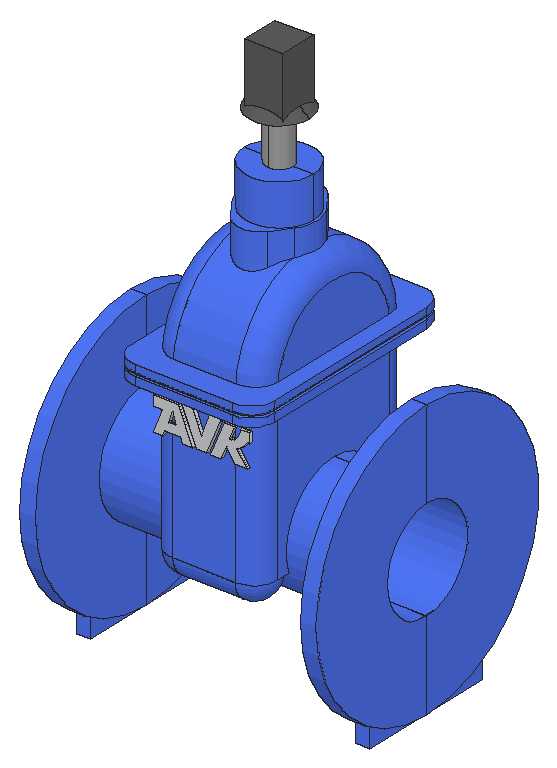
Revit family "145-50-001 DN65-200", category Pipe Accessories, Revit 2022
Family settings
  Round Connector Dimension = Use Diameter
  Part Type = Valve - Breaks Into
  Work Plane-Based = No
  Always vertical = No
  Cut with Voids When Loaded = No
  Shared = No
Parameters (values of type "DN065_PN10/16")
  stem_R = Stem_cap2 * 0.7  # 8.575 mm
  W = size_lookup(Search_table, "W", 0.00 mm, DN) / 2  # 89.00 mm
  Stem_cap_H3 = size_lookup(Search_table, "Stem_cap_H2", 0.00 mm, DN)  # 50.00 mm
  Stem_cap_H2 = size_lookup(Search_table, "Stem_cap_H2", 0.00 mm, DN) * 0.7  # 35.00 mm
  Stem_cap_H1 = size_lookup(Search_table, "Stem_cap_H1", 0.00 mm, DN)  # 40.00 mm
  Stem_cap_dim1 = Body_W / 1.8  # 19.444 mm
  Stem_cap2 = Body_W * 0.35  # 12.25 mm
  Stem_cap1 = Body_W * 0.4  # 14.00 mm
  Rib_T = size_lookup(Search_table, "Rib_T", 0.00 mm, DN) / 2  # 5.00 mm
  Rib2_W = size_lookup(Search_table, "Rib2_W", 0.00 mm, DN) / 2  # 17.50 mm
  Rib2_L = size_lookup(Search_table, "Rib2_L", 0.00 mm, DN) / 2  # 30.00 mm
  Rib2_H = size_lookup(Search_table, "Rib2_H", 0.00 mm, DN)  # 30.00 mm
  Rib1_W = size_lookup(Search_table, "Rib1_W", 0.00 mm, DN) / 2  # 30.00 mm
  Rib1_R = size_lookup(Search_table, "Rib1_R", 0.00 mm, DN)  # 15.00 mm
  Rib1_L = size_lookup(Search_table, "Rib1_L", 0.00 mm, DN) / 2  # 30.00 mm
  Rib1_H = size_lookup(Search_table, "Rib1_H", 0.00 mm, DN)  # 25.00 mm
  Raised_R1 = FL_OD * 0.78  # 69.42 mm
  Logo_H. = Body_H * 0.1  # 9.50 mm
  L = size_lookup(Search_table, "L", 0.00 mm, DN)  # 190.00 mm
  H3 = size_lookup(Search_table, "H3", 0.00 mm, DN)  # 356.00 mm
  H = size_lookup(Search_table, "H", 0.00 mm, DN)  # 267.00 mm
  FL_T = size_lookup(Search_table, "FL_T", 0.00 mm, DN)  # 10.00 mm
  FL_OD = size_lookup(Search_table, "FL_OD", 0.00 mm, DN) / 2  # 89.00 mm
  DN = 65.00 mm
  Description_ = "AVK GATE VALVE, FLANGED, NRS, 250 PSI/17.2 BAR"
  Default Elevation = 0.00 mm
  DN100_PN10/16 = "145-100-50-01396100"
  DN200_PN16 = "145-200-50-01396100"
  DN200_PN10 = "145-200-50-00396100"
  DN065_PN10/16 = "145-065-50-01396100"
  DN150_PN10/16 = "145-150-50-01396100"
  DN080_PN10/16 = "145-080-50-01396100"
  Search_table = "145-50-001 DN65-200"
  URL product pages = "https://www.avkvalves.com/P.aspx?no=1450655001396100"
  Bore_R = DN / 2  # 32.50 mm
  Bonnet_dim2 = Stem_cap2 * 1.8  # 22.05 mm
  Bonnet_dim1 = (Body_L + Stem_cap_H1) * 0.9  # 90.00 mm
  Bonnet_dim = size_lookup(Search_table, "Bonnet_dim", 0.00 mm, DN) * 1.01  # 101.00 mm
  Bonnet_H = size_lookup(Search_table, "Bonnet_H", 0.00 mm, DN)  # 60.00 mm
  Bonnet5 = Body_W * 0.7  # 24.50 mm
  Bonnet4 = Body_L * 0.5  # 30.00 mm
  Bonnet3 = Bonnet2 * 0.7  # 14.70 mm
  Bonnet2 = Body_W * 0.6  # 21.00 mm
  Bonnet1 = size_lookup(Search_table, "Bonnet1", 0.00 mm, DN)  # 75.00 mm
  Body_wedge_dim = Bore_R / 2.5  # 13.00 mm
  Body_rib_L = size_lookup(Search_table, "Body_rib_L", 0.00 mm, DN) / 2  # 45.00 mm
  Body_W = size_lookup(Search_table, "Body_W", 0.00 mm, DN) / 2  # 35.00 mm
  Body_T = size_lookup(Search_table, "Body_T", 0.00 mm, DN)  # 6.00 mm
  Body_L = size_lookup(Search_table, "Body_L", 0.00 mm, DN) / 2  # 60.00 mm
  Body_H = size_lookup(Search_table, "Body_H", 0.00 mm, DN)  # 95.00 mm
  Body_FL_W = size_lookup(Search_table, "Body_FL_W", 0.00 mm, DN) / 2  # 46.00 mm
  Body_FL_L = size_lookup(Search_table, "Body_FL_L", 0.00 mm, DN) / 2  # 76.00 mm
  5 = 5.00 mm  # constant formula
  1 = 1.00 mm  # constant formula
  0 = 0.01 mm  # constant formula
Types (7, lengths in mm): name | stem_R | W | Stem_cap_H3 | Stem_cap_H2 | Stem_cap_H1 | Stem_cap_dim1 | Stem_cap2 | Stem_cap1 | Rib_T | Rib2_W | Rib2_L | Rib2_H | Rib1_W | Rib1_R | Rib1_L | Rib1_H | Raised_R1 | Logo_H. | L | H3 | H | FL_T | FL_OD | DN | Bore_R | Bonnet_dim2 | Bonnet_dim1 | Bonnet_dim | Bonnet_H | Bonnet5 | Bonnet4 | Bonnet3 | Bonnet2 | Bonnet1 | Body_wedge_dim | Body_rib_L | Body_W | Body_T | Body_L | Body_H | Body_FL_W | Body_FL_L
  (no name) | 8.575 | 89.00 | 50.00 | 35.00 | 40.00 | 19.444 | 12.25 | 14.00 | 5.00 | 17.50 | 30.00 | 30.00 | 30.00 | 15.00 | 30.00 | 25.00 | 69.42 | 9.50 | 190.00 | 356.00 | 267.00 | 10.00 | 89.00 | 65.00 | 32.50 | 22.05 | 90.00 | 101.00 | 60.00 | 24.50 | 30.00 | 14.70 | 21.00 | 75.00 | 13.00 | 45.00 | 35.00 | 6.00 | 60.00 | 95.00 | 46.00 | 76.00
  DN200_PN16 | 20.825 | 176.00 | 65.00 | 45.50 | 55.00 | 47.222 | 29.75 | 34.00 | 6.00 | 95.00 | 176.00 | 110.00 | 95.00 | 35.00 | 176.00 | 70.00 | 137.28 | 22.00 | 292.00 | 674.00 | 502.00 | 29.00 | 176.00 | 200.10 | 100.05 | 53.55 | 198.90 | 212.10 | 160.00 | 59.50 | 83.00 | 35.70 | 51.00 | 190.00 | 40.02 | 75.00 | 85.00 | 11.00 | 166.00 | 220.00 | 95.00 | 176.00
  DN200_PN10 | 20.825 | 176.00 | 65.00 | 45.50 | 55.00 | 47.222 | 29.75 | 34.00 | 6.00 | 95.00 | 176.00 | 110.00 | 95.00 | 35.00 | 176.00 | 70.00 | 137.28 | 22.00 | 292.00 | 674.00 | 502.00 | 29.00 | 176.00 | 200.00 | 100.00 | 53.55 | 198.90 | 212.10 | 160.00 | 59.50 | 83.00 | 35.70 | 51.00 | 190.00 | 40.00 | 75.00 | 85.00 | 11.00 | 166.00 | 220.00 | 95.00 | 176.00
  DN150_PN10/16 | 12.617 | 140.00 | 60.00 | 42.00 | 50.00 | 28.611 | 18.025 | 20.60 | 4.50 | 50.00 | 60.00 | 30.00 | 77.50 | 30.00 | 135.00 | 50.00 | 109.20 | 17.30 | 267.00 | 549.00 | 409.00 | 25.00 | 140.00 | 150.00 | 75.00 | 32.445 | 159.30 | 171.70 | 125.00 | 36.05 | 63.50 | 21.63 | 30.90 | 150.00 | 30.00 | 65.00 | 51.50 | 9.00 | 127.00 | 173.00 | 77.00 | 135.00
  DN100_PN10/16 | 9.31 | 114.50 | 55.00 | 38.50 | 45.00 | 21.111 | 13.30 | 15.20 | 5.00 | 30.00 | 30.00 | 30.00 | 30.00 | 25.00 | 35.00 | 25.00 | 89.31 | 12.20 | 229.00 | 436.00 | 322.00 | 24.00 | 114.50 | 100.00 | 50.00 | 23.94 | 114.30 | 141.40 | 82.00 | 26.60 | 41.00 | 15.96 | 22.80 | 105.00 | 20.00 | 50.00 | 38.00 | 6.00 | 82.00 | 122.00 | 52.50 | 96.00
  DN080_PN10/16 | 8.575 | 95.50 | 55.00 | 38.50 | 45.00 | 19.444 | 12.25 | 14.00 | 5.00 | 30.00 | 30.00 | 30.00 | 30.00 | 20.00 | 30.00 | 25.00 | 74.49 | 10.80 | 203.00 | 399.00 | 304.00 | 20.00 | 95.50 | 80.00 | 40.00 | 22.05 | 105.30 | 116.15 | 72.00 | 24.50 | 36.00 | 14.70 | 21.00 | 86.25 | 16.00 | 45.00 | 35.00 | 6.00 | 72.00 | 108.00 | 48.00 | 85.50
  DN065_PN10/16 | 8.575 | 89.00 | 50.00 | 35.00 | 40.00 | 19.444 | 12.25 | 14.00 | 5.00 | 17.50 | 30.00 | 30.00 | 30.00 | 15.00 | 30.00 | 25.00 | 69.42 | 9.50 | 190.00 | 356.00 | 267.00 | 10.00 | 89.00 | 65.00 | 32.50 | 22.05 | 90.00 | 101.00 | 60.00 | 24.50 | 30.00 | 14.70 | 21.00 | 75.00 | 13.00 | 45.00 | 35.00 | 6.00 | 60.00 | 95.00 | 46.00 | 76.00
Reference planes
  plane 1 "Center (Front/Back)": y = 0
  plane 2: z = 0
  plane 3 "Center (Left/Right)": x = 0
  plane 4: x = -1073.014
  plane 5: x = 1073.014
  plane 6: x = -949.568
  plane 7: x = -95
  plane 8: x = 949.568
  plane 9: x = 95
  plane 10: z = 32.5
  plane 11: z = -32.5
  plane 12: z = 95
  plane 13: y = 60
  plane 14: x = 35
  plane 15: z = -13
  plane 16: z = 70
  plane 17: z = 65
  plane 18: z = 95
  plane 19: z = 267
  plane 20: z = -89
  plane 21: x = -95
  plane 22: x = 95
  plane 23: x = -35
  plane 24: x = 35
  plane 25: z = 89
  plane 26: y = 60
  plane 27: y = -60
  plane 28: y = 89
  plane 29: y = -89
  plane 30: z = 155
  plane 31: x = -30
Forms (mm)
  Revolve 1, solid, material "Plastic"
    sketch origin (0, 0, 0) x (1, 0, 0) y (0, 0, 1)
      loop
        line (95, 89) -> (85, 89) -> (85, 38.5) -> (-85, 38.5) -> (-85, 89) -> (-95, 89) -> (-95, 32.5) -> (95, 32.5) -> (95, 89)
      axis (-95, 0) -> (95, 0)
    angle from 0 to 360
  Extrusion 2, solid, material "Plastic"
    sketch origin (-780, -1524, 95) x (-1, 0, 0) y (0, -1, 0)
      loop
        arc (-760, -1584) -> (-749.393, -1579.607) -> (-745, -1569) r 15
        line (-745, -1569) -> (-745, -1479)
        arc (-745, -1479) -> (-749.393, -1468.393) -> (-760, -1464) r 15
        line (-760, -1464) -> (-800, -1464)
        arc (-800, -1464) -> (-810.607, -1468.393) -> (-815, -1479) r 15
        line (-815, -1479) -> (-815, -1569)
        arc (-815, -1569) -> (-810.607, -1579.607) -> (-800, -1584) r 15
        line (-800, -1584) -> (-760, -1584)
    from 0 to -108
  Extrusion 3, solid, material "Plastic"
    sketch origin (-780, -1524, 95) x (-1, 0, 0) y (0, -1, 0)
      loop
        arc (-749, -1600) -> (-738.393, -1595.607) -> (-734, -1585) r 15
        line (-734, -1585) -> (-734, -1463)
        arc (-734, -1463) -> (-738.393, -1452.393) -> (-749, -1448) r 15
        line (-749, -1448) -> (-811, -1448)
        arc (-811, -1448) -> (-821.607, -1452.393) -> (-826, -1463) r 15
        line (-826, -1463) -> (-826, -1585)
        arc (-826, -1585) -> (-821.607, -1595.607) -> (-811, -1600) r 15
        line (-811, -1600) -> (-749, -1600)
    from -6 to 6
  Sweep 4, void
    path in 3D
      loop
        arc (-31, 76, 101) -> (-41.607, 71.607, 101) -> (-46, 61, 101) r 15
        line (-46, 61, 101) -> (-46, -61, 101)
        arc (-46, -61, 101) -> (-41.607, -71.607, 101) -> (-31, -76, 101) r 15
        line (-31, -76, 101) -> (31, -76, 101)
        arc (31, -76, 101) -> (41.607, -71.607, 101) -> (46, -61, 101) r 15
        line (46, -61, 101) -> (46, 61, 101)
        arc (46, 61, 101) -> (41.607, 71.607, 101) -> (31, 76, 101) r 15
        line (31, 76, 101) -> (-31, 76, 101)
    profile origin (0, 76, 101) x (0, -1, 0) y (0, 0, 1)
      loop
        circle (0, -6) r 1
  Extrusion 5, solid, material "Plastic"
    sketch origin (-159.213, -1524, 70) x (-1, 0, 0) y (0, -1, 0)
      loop
        arc (-144.213, -1554) -> (-133.607, -1549.607) -> (-129.213, -1539) r 15
        line (-129.213, -1539) -> (-129.213, -1509)
        arc (-129.213, -1509) -> (-133.607, -1498.393) -> (-144.213, -1494) r 15
        line (-144.213, -1494) -> (-174.213, -1494)
        arc (-174.213, -1494) -> (-184.82, -1498.393) -> (-189.213, -1509) r 15
        line (-189.213, -1509) -> (-189.213, -1539)
        arc (-189.213, -1539) -> (-184.82, -1549.607) -> (-174.213, -1554) r 15
        line (-174.213, -1554) -> (-144.213, -1554)
    from -5 to 5
  Revolve 6, solid, material "Aluminum 1100-O"
    sketch origin (0, 0, 0) x (1, 0, 0) y (0, 0, 1)
      loop
        line (0, 227) -> (19.444, 227)
        arc (19.444, 227) -> (10.417, 232.204) -> (0, 232) r 19.444
        line (0, 232) -> (0, 227)
      axis (0, 232) -> (0, 227)
    angle from 0 to 360
  Extrusion 7, solid, material "Aluminum 1100-O"
    sketch origin (0, 0, 0) x (1, 0, 0) y (0, 0, 1)
      loop
        line (-12.25, 267) -> (-12.25, 227) -> (12.25, 227) -> (12.25, 267) -> (-12.25, 267)
    from -12.25 to 12.25
  Revolve 8, solid, material "Default Wall"
    sketch origin (0, 0, 0) x (0, 1, 0) y (0, 0, 1)
      loop
        line (0, 227) -> (-8.575, 227) -> (-8.575, 95) -> (0, 95) -> (0, 227)
      axis (0, 95) -> (0, 227)
    angle from 0 to 360
  Revolve 9, solid, material "Plastic"
    sketch origin (0, 0, 0) x (1, 0, 0) y (0, 0, 1)
      loop
        line (22.05, 196) -> (0, 196) -> (0, 95) -> (22.05, 95) -> (22.05, 196)
      axis (0, 196) -> (0, 95)
    angle from 0 to 360
  Extrusion 10, solid, material "Aluminum 1100-O"
    sketch origin (0, 0, 0) x (0, 1, 0) y (0, 0, 1)
      loop
        circle (0, 0) r 32.5
    from -36 to 36
  Revolve 11, solid, material "Plastic"
    sketch origin (-780, -1524, 95) x (-1, 0, 0) y (0, -1, 0)
      loop
        arc (-760, -1584) -> (-749.393, -1579.607) -> (-745, -1569) r 15
        line (-745, -1569) -> (-745, -1524) -> (-815, -1524) -> (-815, -1569)
        arc (-815, -1569) -> (-810.607, -1579.607) -> (-800, -1584) r 15
        line (-800, -1584) -> (-760, -1584)
      axis (-745, -1524) -> (-815, -1524)
    angle from -180 to 0
  Extrusion 12, solid, material "Plastic"
    sketch origin (0, 0, 0) x (0, 1, 0) y (0, 0, 1)
      loop
        line (45, -32.5) -> (-45, -32.5) -> (-45, -89) -> (45, -89) -> (45, -32.5)
    from 85 to 94
  Extrusion 13, solid, material "Plastic"
    sketch origin (0, 0, 0) x (0, 1, 0) y (0, 0, 1)
      loop
        line (45, -32.5) -> (-45, -32.5) -> (-45, -89) -> (45, -89) -> (45, -32.5)
    from -85 to -94
  Revolve 14, solid, material "Plastic"
    sketch origin (-725.305, -1524, -13) x (-1, 0, 0) y (0, -1, 0)
      loop
        arc (-705.305, -1584) -> (-694.698, -1579.607) -> (-690.305, -1569) r 15
        line (-690.305, -1569) -> (-759.587, -1569)
        arc (-759.587, -1569) -> (-755.66, -1579.561) -> (-745.305, -1584) r 14.299
        line (-745.305, -1584) -> (-705.305, -1584)
      axis (-759.587, -1569) -> (-690.305, -1569)
    angle from 0 to 360
  Revolve 15, solid, material "Plastic"
    sketch origin (-725.305, -1524, -13) x (-1, 0, 0) y (0, -1, 0)
      loop
        line (-705.305, -1464) -> (-745.305, -1464)
        arc (-745.305, -1464) -> (-755.911, -1468.393) -> (-760.305, -1479) r 15
        line (-760.305, -1479) -> (-690.305, -1479)
        arc (-690.305, -1479) -> (-694.698, -1468.393) -> (-705.305, -1464) r 15
      axis (-690.305, -1479) -> (-760.305, -1479)
    angle from 0 to 360
  Extrusion 16, solid, material "Plastic"
    sketch origin (-189.242, -1524, 155) x (-1, 0, 0) y (0, -1, 0)
      loop
        arc (-168.877, -1536.523) -> (-164.742, -1524.019) -> (-168.867, -1511.511) r 21
        line (-168.867, -1511.511) -> (-177.429, -1499.951)
        arc (-177.429, -1499.951) -> (-189.242, -1494) -> (-201.054, -1499.951) r 14.7
        line (-201.054, -1499.951) -> (-209.617, -1511.511)
        arc (-209.617, -1511.511) -> (-213.742, -1524.019) -> (-209.607, -1536.523) r 21
        line (-209.607, -1536.523) -> (-201.047, -1548.059)
        arc (-201.047, -1548.059) -> (-189.242, -1554) -> (-177.437, -1548.059) r 14.7
        line (-177.437, -1548.059) -> (-168.877, -1536.523)
    from -60 to 15
  Extrusion 17, solid, material "Plastic"
    sketch origin (-159.213, -1524, 65) x (-1, 0, 0) y (0, -1, 0)
      loop
        arc (-156.713, -1554) -> (-146.107, -1549.607) -> (-141.713, -1539) r 15
        line (-141.713, -1539) -> (-141.713, -1509)
        arc (-141.713, -1509) -> (-146.107, -1498.393) -> (-156.713, -1494) r 15
        line (-156.713, -1494) -> (-161.713, -1494)
        arc (-161.713, -1494) -> (-172.32, -1498.393) -> (-176.713, -1509) r 15
        line (-176.713, -1509) -> (-176.713, -1539)
        arc (-176.713, -1539) -> (-172.32, -1549.607) -> (-161.713, -1554) r 15
        line (-161.713, -1554) -> (-156.713, -1554)
    from -5 to 5
Cuts and joins
  Sweep 4 cuts Extrusion 3
Lines and regions (mm)
  sketch lines
    curve 1: line (31, 76, 101) -> (-31, 76, 101)
    curve 2: arc (-46, 61, 101) -> (-41.607, 71.607, 101) -> (-31, 76, 101) r 15
    curve 3: line (-46, 61, 101) -> (-46, -61, 101)
    curve 4: arc (-31, -76, 101) -> (-41.607, -71.607, 101) -> (-46, -61, 101) r 15
    curve 5: line (-31, -76, 101) -> (31, -76, 101)
    curve 6: arc (46, -61, 101) -> (41.607, -71.607, 101) -> (31, -76, 101) r 15
    curve 7: line (46, -61, 101) -> (46, 61, 101)
    curve 8: arc (31, 76, 101) -> (41.607, 71.607, 101) -> (46, 61, 101) r 15
Dimensions and locks
  equal spacing: plane 5, plane 3 "Center (Left/Right)", plane 4
  equal spacing: plane 9, plane 3 "Center (Left/Right)", plane 7
  equal spacing: plane 8, plane 3 "Center (Left/Right)", plane 6
  "L": plane 9 to plane 7
  equal spacing: plane 10, level, plane 11
  "DN": plane 10 to plane 11
  "W": Revolve 1 sketch curve to level
  "Body_T": Revolve 1 sketch curve to plane 10
  equal spacing: Revolve 1 sketch curve, plane 3 "Center (Left/Right)", Revolve 1 sketch curve
  "Body_H": plane 12 to level
  equal spacing: Extrusion 2 sketch curve, plane 1 "Center (Front/Back)", Extrusion 2 sketch curve
  equal spacing: Extrusion 2 sketch curve, plane 3 "Center (Left/Right)", Extrusion 2 sketch curve
  "Body_L": plane 1 "Center (Front/Back)" to plane 13
  "Body_W": plane 3 "Center (Left/Right)" to plane 14
  "Body_wedge_dim": level to Extrusion 2
  equal spacing: Extrusion 3 sketch curve, plane 1 "Center (Front/Back)", Extrusion 3 sketch curve
  equal spacing: Extrusion 3 sketch curve, plane 3 "Center (Left/Right)", Extrusion 3 sketch curve
  "Body_FL_W": plane 3 "Center (Left/Right)" to Extrusion 3 sketch curve
  "Body_FL_L": plane 1 "Center (Front/Back)" to Extrusion 3 sketch curve
  "Body_T": Extrusion 3 to plane 12
  "Body_T": plane 12 to Extrusion 3
  "Body_wedge_dim": level to plane 15
  equal spacing: Sweep 4 sketch curve, plane 12, Sweep 4 sketch curve
  "Body_FL_L": Sweep 4 sketch curve to plane 1 "Center (Front/Back)"
  "H": plane 19 to level
  equal spacing: plane 22, plane 3 "Center (Left/Right)", plane 21
  "L": plane 22 to plane 21
  "Rib1_H": plane 12 to plane 16
  "Rib2_H": plane 12 to plane 17
  plane 12 to plane 18 = 0.00 mm
  equal spacing: Extrusion 5 sketch curve, plane 3 "Center (Left/Right)", Extrusion 5 sketch curve
  equal spacing: Extrusion 5 sketch curve, plane 1 "Center (Front/Back)", Extrusion 5 sketch curve
  "Rib1_W": plane 3 "Center (Left/Right)" to Extrusion 5 sketch curve
  "Rib1_L": plane 1 "Center (Front/Back)" to Extrusion 5 sketch curve
  equal spacing: Extrusion 5, plane 16, Extrusion 5
  "Rib_T": Extrusion 5 to plane 16
  "Stem_cap_H2": plane 19 to Revolve 6 sketch curve
  "Stem_cap_H1": plane 19 to Revolve 6 sketch curve
  "Stem_cap_dim1": Revolve 6 sketch curve to plane 3 "Center (Left/Right)"
  equal spacing: Extrusion 7 sketch curve, plane 3 "Center (Left/Right)", Extrusion 7 sketch curve
  "Stem_cap2": Extrusion 7 sketch curve to plane 3 "Center (Left/Right)"
  "Stem_cap_H1": plane 19 to Extrusion 7 sketch curve
  equal spacing: Extrusion 7, plane 1 "Center (Front/Back)", Extrusion 7
  "Stem_cap2": Extrusion 7 to plane 1 "Center (Front/Back)"
  "stem_R": plane 1 "Center (Front/Back)" to Revolve 8 sketch curve
  "Stem_cap_H1": plane 19 to Revolve 8 sketch curve
  "Bonnet_dim2": Revolve 9 sketch curve to plane 3 "Center (Left/Right)"
  equal spacing: Extrusion 10 sketch curve, plane 1 "Center (Front/Back)", Extrusion 10 sketch curve
  equal spacing: Extrusion 10 sketch curve, level, Extrusion 10 sketch curve
  equal spacing: plane 24, plane 3 "Center (Left/Right)", plane 23
  "Body_W": plane 3 "Center (Left/Right)" to plane 23
  equal spacing: Extrusion 10, plane 3 "Center (Left/Right)", Extrusion 10
  "W": plane 25 to level
  "FL_T": Revolve 1 to plane 21
  "Bonnet_dim": Revolve 9 sketch curve to plane 12
  "Bonnet_H": plane 1 "Center (Front/Back)" to Revolve 11 sketch curve
  "H3": plane 19 to plane 20
  equal spacing: Extrusion 12 sketch curve, plane 1 "Center (Front/Back)", Extrusion 12 sketch curve
  "Body_rib_L": Extrusion 12 sketch curve to plane 1 "Center (Front/Back)"
  "Bore_R": level to Extrusion 12 sketch curve
  "1": Extrusion 12 to plane 22
  "FL_T": Extrusion 12 to plane 22
  equal spacing: Extrusion 13 sketch curve, plane 1 "Center (Front/Back)", Extrusion 13 sketch curve
  "Body_rib_L": Extrusion 13 sketch curve to plane 1 "Center (Front/Back)"
  "Bore_R": level to Extrusion 13 sketch curve
  "1": Extrusion 13 to plane 21
  "FL_T": Extrusion 13 to plane 21
  "Body_L": plane 1 "Center (Front/Back)" to Revolve 14 sketch curve
  "Body_L": plane 1 "Center (Front/Back)" to plane 26
  "Rib1_R": plane 26 to Revolve 14 sketch curve  (x2)
  "Rib1_R": Revolve 14 sketch curve to plane 24
  "Rib1_R": plane 23 to Revolve 14 sketch curve
  "Body_L": plane 27 to plane 1 "Center (Front/Back)"
  equal spacing: Revolve 15 sketch curve, plane 3 "Center (Left/Right)", Revolve 15 sketch curve
  "Rib1_R": Revolve 15 sketch curve to plane 27  (x3)
  "Rib1_R": plane 23 to Revolve 15 sketch curve
  equal spacing: plane 28, plane 1 "Center (Front/Back)", plane 29
  "W": plane 28 to plane 1 "Center (Front/Back)"
  plane 19 to plane 20 = 356.00 mm
  plane 28 to plane 29 = 178.00 mm
  "Logo_H.": plane 12 to nested 1
  "Bonnet_H": plane 30 to plane 18
  "Bonnet4": plane 1 "Center (Front/Back)" to Extrusion 16 sketch curve
  "Bonnet5": Extrusion 16 sketch curve to plane 3 "Center (Left/Right)"
  "Bonnet1": Extrusion 16 to plane 18
  "0": plane 1 "Center (Front/Back)" to Extrusion 16 sketch curve  (x2)
  equal spacing: Extrusion 16 sketch curve, plane 3 "Center (Left/Right)", Extrusion 16 sketch curve  (x2)
  "Bonnet5": plane 3 "Center (Left/Right)" to Extrusion 16 sketch curve
  "Bonnet4": Extrusion 16 sketch curve to plane 1 "Center (Front/Back)"
  equal spacing: Extrusion 17 sketch curve, plane 3 "Center (Left/Right)", Extrusion 17 sketch curve
  equal spacing: Extrusion 17 sketch curve, plane 1 "Center (Front/Back)", Extrusion 17 sketch curve
  "Rib2_L": plane 1 "Center (Front/Back)" to Extrusion 17 sketch curve
  "Rib2_W": plane 3 "Center (Left/Right)" to Extrusion 17 sketch curve
  equal spacing: Extrusion 17, plane 17, Extrusion 17
  "Rib_T": plane 17 to Extrusion 17
  "Rib1_W": plane 3 "Center (Left/Right)" to plane 31
  "1": plane 23 to Extrusion 10
  "Rib1_R": radius of Extrusion 2 sketch curve  (x4)
  "Rib1_R": radius of Extrusion 3 sketch curve  (x4)
  "1": radius of Sweep 4 sketch curve
  "Rib1_R": radius of Extrusion 5 sketch curve  (x4)
  "Bore_R": radius of Extrusion 10 sketch curve
  "Stem_cap_dim1": radius of Revolve 6 sketch curve
  "Rib1_R": radius of Revolve 11 sketch curve  (x2)
  "Bonnet3": radius of Extrusion 16 sketch curve  (x2)
  "Bonnet2": radius of Extrusion 16 sketch curve  (x2)
  "Rib1_R": radius of Extrusion 17 sketch curve  (x4)
  aligned and locked: level to plane 2
  aligned and locked: Revolve 1 sketch curve to level
  aligned and locked: Revolve 1 sketch curve to plane 7
  aligned and locked: plane 9 to Revolve 1 sketch curve
  aligned and locked: Revolve 1 sketch curve to plane 10
  aligned and locked: Revolve 1 sketch curve to Revolve 1 sketch curve
  aligned and locked: plane 13 to Extrusion 2 sketch curve
  aligned and locked: plane 14 to Extrusion 2 sketch curve
  aligned and locked: Extrusion 2 to plane 12
  aligned and locked: Revolve 6 sketch curve to plane 3 "Center (Left/Right)"
  aligned and locked: Extrusion 7 sketch curve to plane 19
  aligned and locked: plane 12 to Revolve 8 sketch curve
  aligned and locked: Revolve 8 sketch curve to plane 1 "Center (Front/Back)"
  aligned and locked: Revolve 9 sketch curve to plane 3 "Center (Left/Right)"  (x2)
  aligned and locked: Revolve 9 sketch curve to plane 12
  aligned and locked: plane 23 to Revolve 11 sketch curve
  aligned and locked: plane 24 to Revolve 11 sketch curve
  aligned and locked: Revolve 11 sketch curve to plane 1 "Center (Front/Back)"
  aligned and locked: plane 1 "Center (Front/Back)" to Revolve 11 sketch curve
  aligned and locked: plane 20 to Extrusion 12 sketch curve
  aligned and locked: plane 20 to Extrusion 13 sketch curve
  aligned and locked: plane 12 to Revolve 11
  aligned and locked: Revolve 11 to plane 12
  aligned and locked: Revolve 15 sketch curve to plane 27
  aligned and locked: plane 3 "Center (Left/Right)" to nested 1
  aligned and locked: Extrusion 16 to plane 18
Automatic sketch dimensions
  Revolve 1 sketch curve to plane 4 = 0.00 mm
  plane 7 to Revolve 1 sketch curve = 10.00 mm
  Revolve 1 sketch curve to plane 7 = 143.914 mm
  Revolve 6 sketch curve to plane 3 "Center (Left/Right)" = 0.00 mm
  Revolve 6 sketch curve to Revolve 6 sketch curve = 10.684 mm
  Revolve 6 sketch curve to Revolve 6 sketch curve = 1.908 mm
  Revolve 8 sketch curve to plane 1 "Center (Front/Back)" = 0.00 mm
  Revolve 8 sketch curve to Revolve 8 sketch curve = 17.51 mm
  Revolve 8 sketch curve to Revolve 8 sketch curve = 3.198 mm
  Revolve 9 sketch curve to Revolve 9 sketch curve = 0.00 mm
  Revolve 9 sketch curve to Revolve 9 sketch curve = 20.906 mm
  Revolve 11 sketch curve to plane 21 = 14.471 mm
  Revolve 11 sketch curve to Revolve 11 sketch curve = 65.00 mm
  Revolve 14 sketch curve to plane 23 = 0.00 mm
  plane 24 to Revolve 14 sketch curve = 0.718 mm
  Revolve 14 sketch curve to Revolve 14 sketch curve = 6.185 mm
  Revolve 14 sketch curve to plane 31 = 1.516 mm
  Revolve 15 sketch curve to Revolve 15 sketch curve = 4.149 mm
  Revolve 15 sketch curve to plane 3 "Center (Left/Right)" = 6.149 mm
Nested families
  nested 1: "logo medium-1" at (0, -60, 64.971) x (1, 0, 0) z (0, -1, 0), type "logo medium-1"
Connectors
  piping at (-95, 0, 0), diameter 65, driven by "DN"
    settings: on Revolve 1, index 1, connector inside diameter 609.6 mm, connector length 0.00 mm, flow factor 0, pipe flow 0.0 L/s, pressure drop 0.0 Pa, fitting loss kfactor 0, connector angle 0.00°, fixture units 0, engagement length 0.00 mm, angle of deflection 0.00°, flow configuration 0, flow direction 0, fitting loss method 0, system type 7, joint type 0, gender type 0, connector reference index -1, connector utility 0, adjustable connector no, is connector primary yes, connector description ""
  piping at (95, 0, 0), diameter 65, driven by "DN"
    settings: on Revolve 1, index 2, connector inside diameter 609.6 mm, connector length 0.00 mm, flow factor 0, pipe flow 0.0 L/s, pressure drop 0.0 Pa, fitting loss kfactor 0, connector angle 0.00°, fixture units 0, engagement length 0.00 mm, angle of deflection 0.00°, flow configuration 0, flow direction 0, fitting loss method 0, system type 7, joint type 0, gender type 0, connector reference index -1, connector utility 0, adjustable connector no, is connector primary no, connector description ""
Definition of nested family "logo medium-1"
  Parameters
    Default Elevation = 1219.20 mm
  Reference planes
    plane 1 "Center (Front/Back)": y = 0
    plane 2: z = 0
    plane 3 "Center (Left/Right)": x = 0
  Forms (mm)
    Extrusion 1, solid
      sketch origin (0, 0, 0) x (1, 0, 0) y (0, 1, 0)
        loop
          line (-1219.2, 1219.2) -> (-1219.2, -1219.2) -> (1219.2, -1219.2) -> (1219.2, 1219.2) -> (-1219.2, 1219.2)
      from 0 to -188.781
    Extrusion 2, solid
      sketch origin (0, 0, 0) x (1, 0, 0) y (0, 1, 0)
        loop
          line (-30.911, 14.607) -> (-12.952, 14.607) -> (-3.438, -8.594) -> (3.26, -8.594) -> (12.676, 14.607) -> (30.732, 14.607) -> (30.732, 20.529) -> (7.968, 20.529) -> (0, 0) -> (-8.195, 20.529) -> (-30.911, 20.529) -> (-30.911, 14.607)
        loop
          line (30.732, 6.453) -> (30.732, 12.569) -> (24.908, 12.569)
          arc (24.908, 12.569) -> (22.993, 7.075) -> (17.724, 4.608) r 7.492
          line (17.724, 4.608) -> (20.928, 12.569) -> (14.521, 12.569) -> (5.881, -8.594) -> (12.434, -8.594) -> (15.777, -0.405) -> (21.354, -8.594) -> (29.424, -8.594) -> (22.319, 0.649)
          arc (22.319, 0.649) -> (26.344, 2.972) -> (29.424, 6.453) r 14.456
          line (29.424, 6.453) -> (30.732, 6.453)
        loop
          line (-5.865, -8.594) -> (-14.796, 12.569) -> (-30.911, 12.569) -> (-30.911, 6.453) -> (-25.086, 6.453) -> (-30.911, -8.594) -> (-25.086, -8.594) -> (-23.728, -5.084) -> (-13.656, -5.084) -> (-12.175, -8.594) -> (-5.865, -8.594)
        loop
          line (-18.776, 7.618) -> (-21.494, 0) -> (-15.961, 0) -> (-18.776, 7.618)
      from 0 to 2
  Dimensions and locks
    aligned and locked: plane 2 to Extrusion 1
    aligned and locked: level to Extrusion 1
    aligned and locked: Extrusion 2 sketch curve to import instance  (x36)
